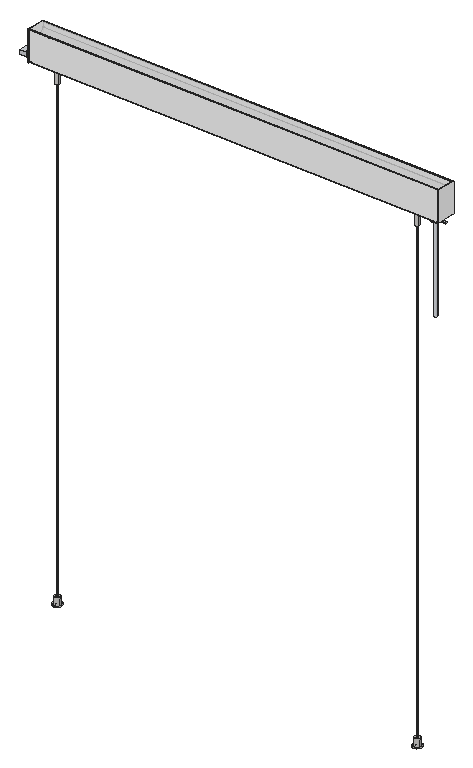
Revit family "2071463", category Lighting Fixtures, host Face, Revit 2022
Family settings
  Host = Face
  Round Connector Dimension = Use Diameter
  Part Type = Normal
  OmniClass Number = 23.80.70.00
  OmniClass Title = Lighting
  Cut with Voids When Loaded = No
  Light Source = Yes
  Maintain Annotation Orientation = No
  Shared = No
  Room Calculation Point = No
Parameters (values of type "MC2 D/I KIT 1.2M 4K DALI WHT PRIS")
  Weight = "3.4 kg"
  Wattage Comments = ""
  Wattage = 29 W
  WarrantyStartDate [instance] = "n/a"
  WarrantyGuarantorParts = "n/a"
  WarrantyDurationUnit = "Years"
  WarrantyDurationParts = "5"
  WarrantyDescription = "http://www.sylvania-group.com"
  built-in parameter 1150110 = 1 (stored number, unit not read)
  Voltage = 230 V
  URL = "http://www.sylvania-group.com"
  TypeName = "Mini Continuum II - Direct/Indirect - Suspended Kit"
  Type Image = <None>
  Type Comments = "n/a"
  built-in parameter 1114217 = 1 (stored number, unit not read)
  Tilt Angle = -90.00°
  built-in parameter 1150109 = 1 (stored number, unit not read)
  built-in parameter 1150134 = 12
  SuspensionDistance2 = if(NominalLength = 1200 mm, 82 mm, if(NominalLength = 2400 mm, 112 mm, 112 mm))  # 82 mm
  SuspensionDistance1 = if(NominalLength = 1200 mm, 62 mm, if(NominalLength = 2400 mm, 112 mm, 112 mm))  # 62 mm
  built-in parameter 1150113 = 1 (stored number, unit not read)
  SerialNumber [instance] = "n/a"
  Photometric Web File = "2071463.ies"
  PendantMin = 50 mm  # constant formula
  PendantMax = 3000 mm  # constant formula
  PendantLength [instance] = if(MountingHeight < PendantMin, PendantMin, if(MountingHeight > PendantMax, PendantMax, MountingHeight))  # 1500 mm
  MountingHeight [instance] = 1500 mm
  Material_3_SYL = Metal_Sylvania_Mini Contiuum II_Silver
  PowerFactor = 0.95
  PowerConsumption = "29 W"
  NominalLength = 1200 mm
  NominalHeight = 86 mm
  NominalDepth = 54 mm
  Name = "MC2 D/I KIT 1.2M 4K DALI WHT PRIS"
  ModelReference = Name  # "MC2 D/I KIT 1.2M 4K DALI WHT PRIS"
  ModelNumber = "2071463"
  Model = Name  # "MC2 D/I KIT 1.2M 4K DALI WHT PRIS"
  Material = "Aluminium"
  ManufacturerName = Manufacturer  # "Feilo Sylvania"
  Manufacturer = "Feilo Sylvania"
  LuminousEfficacy = "133 lm/W"
  built-in parameter 1150105 = 306.93 (stored number, unit not read)
  Lumens = 3857 lm
  LuminaireType = "Suspended"
  built-in parameter 1150115 = 1 (stored number, unit not read)
  LightOutputRatio = "100"
  built-in parameter 1150137 = (empty or 0)
  built-in parameter 1150139 = (empty or 0)
  LampsType = Lamp  # "LED"
  LampNominalLuminous = "3850 lm"
  LampMacAdamStep = "3"
  LampColourTemperature = "4000 K"
  LampColourRenderingIndex = "80"
  built-in parameter 1150112 = 1 (stored number, unit not read)
  built-in parameter 1150114 = 1 (stored number, unit not read)
  Lamp = "LED"
  Keynote = "16500"
  InstallationDate [instance] = "n/a"
  InputVoltage = "220-240 V"
  InputNominalFrequency = "50/60Hz"
  built-in parameter 1150132 = (empty or 0)
  built-in parameter 1150102 = (empty or 0)
  built-in parameter 1150107 = 4000 (stored number, unit not read)
  built-in parameter 1150138 = (empty or 0)
  IngressProtection = "IP20"
  ImpactProtectionIndex = "IK03"
  built-in parameter 1150106 = 3.0693 (stored number, unit not read)
  IfcExportType = "IfcLightFixtureType"
  IfcExportAs = "IfcLightFixtureType"
  Emit from Rectangle Width = NominalDepth  # 54 mm
  Emit from Rectangle Length = NominalLength  # 1200 mm
  Emit Shape Visible in Rendering = no
  EmergencyLight = no
  ElectricShockClassification = "Class I"
  built-in parameter 1150104 = 12.356 (stored number, unit not read)
  DocumentationLiterature = "https://www.sylvania-lighting.com/product/en-int/products/2071463/"
  DimmingControlOptions = "DALI"
  Material_2_SYL = Polycarbonate_Sylvania_Mini Continuum II_Prismatic_4000K
  Dimming Lamp Color Temperature Shift = <None>
  Description = "MC2-KIT D/I 1.2M 4K DALI WHT PRIS LED luminaire, white RAL9016 finishing, direct/indirect distribution (65/35), suspended kit version is pre-wired and supplied complete with end caps and suspension cables, compact and minimalist design based on the Golden Mean, ideal for offices, meeting rooms, corridors, education facilities, museums and libraries, extruded aluminium body, diffuser: micro prismatic, colour temperature: 4000K neutral white, total system power: 29W, total fixture output: 3850lm, luminaire efficacy: 133lm/W, LOR: 100%, colour rendering: Ra >80, LED Chromacity: 3 step MacAdam ellipse, lifespan: 66,000 hours L90B10, IR/UV free light source without heat radiation, operating voltage: 220-240V / 50-60Hz, drive current: (Direct) 800mA + (Indirect) 350mA, electronic driver, DALI dimmable, direct/indirect independently addressable, electrical protection: CLASS I, IP20, suitable for internal environment only."
  Default Elevation = 1219.2 mm
  CreatedOn = "08/08/2024"
  CreatedBy = "petra.pavlicz@sylvania-lighting.com"
  Cost = 0
  Color Filter = 16777215
  built-in parameter 1114216 [instance] = (empty or 0)
  ClassificationValue = "EF_70_80"
  ClassificationName = "Uniclass2015"
  Material_1_SYL = Metal_Sylvania_Mini Continuum II_White
  BarCode [instance] = "n/a"
  built-in parameter 1114218 = 1 (stored number, unit not read)
  built-in parameter 1150133 = 10 (stored number, unit not read)
  AssetType = "Fixed"
  AssetIdentifier [instance] = "n/a"
  Assembly Code = "D5020200"
  Apparent Load = 30.5 VA
  Material_4_SYL = none
Reference planes
  plane 1 "Center (Front/Back)": y = 0
  plane 2: z = 0
  plane 3 "Center (Left/Right)": x = 0
  plane 4: y = 27
  plane 5: y = -27
  plane 6: x = -600
  plane 7: x = 600
  plane 8 "Fixture top": z = 1414
  plane 9 "Fixture bottom": z = 1500
  plane 10: z = 1487
  plane 11: x = 572
  plane 12: x = -572
  plane 13: x = 602
  plane 14: x = -602
  plane 15: x = 597
  plane 16: x = -597
  plane 17: x = -628
  plane 18: x = 518
  plane 19: x = -538
Forms (mm)
  Extrusion 1, solid, material "Metal_Sylvania_Mini Continuum II_White" <- "Material_1_SYL", detail levels coarse
    sketch origin (0, 0, 0) x (1, 0, 0) y (0, 1, 0)
      loop
        line (600, 27) -> (600, -27) -> (602, -27) -> (602, 27) -> (600, 27)
    from 1414 to 1500
  Extrusion 2, solid, material "Polycarbonate_Sylvania_Mini Continuum II_Prismatic_4000K" <- "Material_2_SYL"
    sketch origin (-4.8, 0, 305.049) x (0, 1, 0) y (0, 0, 1)
      loop
        line (22.233, 1181.951) -> (21.206, 1181.951) -> (14.206, 1151.951) -> (-14.206, 1151.951) -> (-21.206, 1181.951) -> (-22.233, 1181.951) -> (-15, 1150.951) -> (15, 1150.951) -> (22.233, 1181.951)
    from -592.2 to 601.8
  Extrusion 3, solid, material "Metal_Sylvania_Mini Continuum II_White" <- "Material_1_SYL"
    sketch origin (0, 0, 0) x (1, 0, 0) y (0, 1, 0)
      loop
        line (-602, 27) -> (-602, -27) -> (-600, -27) -> (-600, 27) -> (-602, 27)
    from 1414 to 1500
  Extrusion 4, solid, material "Metal_Sylvania_Mini Continuum II_White" <- "Material_1_SYL", detail levels coarse
    sketch origin (0, 0, 0) x (-1, 0, 0) y (0, -1, 0)
      loop
        line (-600, -27) -> (600, -27) -> (600, 27) -> (-600, 27) -> (-600, -27)
    from 1414 to 1500
  Extrusion 5, solid, material "Metal_Sylvania_Mini Continuum II_White" <- "Material_1_SYL", detail levels medium+fine
    sketch origin (2400, 0, 0) x (0, 1, 0) y (0, 0, -1)
      loop
        line (-25.5, -1500) -> (-25.5, -1416.509)
        arc (-25.5, -1416.509) -> (-25.351, -1416.149) -> (-24.991, -1416) r 0.509
        line (-24.991, -1416) -> (-13.539, -1416)
        arc (-13.539, -1416) -> (-13.158, -1416.158) -> (-13, -1416.539) r 0.539
        line (-13, -1416.539) -> (-13, -1421.159)
        arc (-13, -1421.159) -> (-12.842, -1421.542) -> (-12.459, -1421.7) r 0.541
        line (-12.459, -1421.7) -> (12.459, -1421.7)
        arc (12.459, -1421.7) -> (12.842, -1421.542) -> (13, -1421.159) r 0.541
        line (13, -1421.159) -> (13, -1416.539)
        arc (13, -1416.539) -> (13.158, -1416.158) -> (13.539, -1416) r 0.539
        line (13.539, -1416) -> (24.991, -1416)
        arc (24.991, -1416) -> (25.351, -1416.149) -> (25.5, -1416.509) r 0.509
        line (25.5, -1416.509) -> (25.5, -1500) -> (27, -1500) -> (27, -1414.5)
        arc (27, -1414.5) -> (26.854, -1414.146) -> (26.5, -1414) r 0.5
        line (26.5, -1414) -> (11.52, -1414)
        arc (11.52, -1414) -> (11.152, -1414.152) -> (11, -1414.52) r 0.52
        line (11, -1414.52) -> (11, -1419.17)
        arc (11, -1419.17) -> (10.845, -1419.545) -> (10.47, -1419.7) r 0.53
        line (10.47, -1419.7) -> (-10.47, -1419.7)
        arc (-10.47, -1419.7) -> (-10.845, -1419.545) -> (-11, -1419.17) r 0.53
        line (-11, -1419.17) -> (-11, -1414.52)
        arc (-11, -1414.52) -> (-11.152, -1414.152) -> (-11.52, -1414) r 0.52
        line (-11.52, -1414) -> (-26.5, -1414)
        arc (-26.5, -1414) -> (-26.854, -1414.146) -> (-27, -1414.5) r 0.5
        line (-27, -1414.5) -> (-27, -1500) -> (-25.5, -1500)
    from 3000 to 1800
  Extrusion 6, solid, material "Polycarbonate_Sylvania_Mini Continuum II_Prismatic_4000K" <- "Material_2_SYL"
    sketch origin (0, 0, 0) x (0, 1, 0) y (0, 0, 1)
      loop
        line (-25, 1500) -> (-25, 1498) -> (25, 1498) -> (25, 1500) -> (-25, 1500)
    from -600 to 600
  Extrusion 7, solid, material "Metal_Sylvania_Mini Continuum II_White" <- "Material_1_SYL", detail levels medium+fine
    sketch origin (0, 0, 0) x (0, 1, 0) y (0, 0, 1)
      loop
        arc (-26.5, 1500) -> (-26.854, 1499.854) -> (-27, 1499.5) r 0.5
        line (-27, 1499.5) -> (-27, 1414.537)
        arc (-27, 1414.537) -> (-26.843, 1414.157) -> (-26.463, 1414) r 0.537
        line (-26.463, 1414) -> (26.496, 1414)
        arc (26.496, 1414) -> (26.852, 1414.148) -> (27, 1414.504) r 0.504
        line (27, 1414.504) -> (27, 1499.459)
        arc (27, 1499.459) -> (26.841, 1499.841) -> (26.459, 1500) r 0.541
        line (26.459, 1500) -> (-26.5, 1500)
    from 600 to 602
  Extrusion 8, solid, material "Metal_Sylvania_Mini Continuum II_White" <- "Material_1_SYL"
    sketch origin (0, 0, 0) x (0, 1, 0) y (0, 0, -1)
      loop
        line (-26.5, -1500) -> (26.459, -1500)
        arc (26.459, -1500) -> (26.841, -1499.841) -> (27, -1499.459) r 0.541
        line (27, -1499.459) -> (27, -1414.504)
        arc (27, -1414.504) -> (26.852, -1414.148) -> (26.496, -1414) r 0.504
        line (26.496, -1414) -> (-26.463, -1414)
        arc (-26.463, -1414) -> (-26.843, -1414.157) -> (-27, -1414.537) r 0.537
        line (-27, -1414.537) -> (-27, -1499.5)
        arc (-27, -1499.5) -> (-26.854, -1499.854) -> (-26.5, -1500) r 0.5
    from 600 to 602
  Extrusion 9, solid
    sketch origin (384.076, 1524, 1219.2) x (0, 1, 0) y (0, 0, 1)
      loop
        line (-1514.443, 219.65) -> (-1547.043, 219.65) -> (-1547.043, 205.15) -> (-1514.443, 205.15) -> (-1514.443, 219.65)
    from -994.076 to -986.076
  Extrusion 10, solid
    sketch origin (319, 1524, 1219.2) x (0, 1, 0) y (0, 0, 1)
      loop
        line (-1514.743, 217.15) -> (-1546.743, 217.15) -> (-1546.743, 205.15) -> (-1514.743, 205.15) -> (-1514.743, 217.15)
    from -947 to -929
  Extrusion 11, solid, material "Metal_Sylvania_Mini Contiuum II_Silver" <- "Material_3_SYL"
    sketch origin (8.599, 0, 0) x (1, 0, 0) y (0, 1, 0)
      loop
        circle (509.401, 0) r 5.5
    from 1369.343 to 1414
  Extrusion 12, solid, material "Metal_Sylvania_Mini Contiuum II_Silver" <- "Material_3_SYL"
    sketch origin (0, 0, 0) x (1, 0, 0) y (0, 1, 0)
      loop
        circle (518, 0) r 1
    from 21.5 to 1369.343
  Extrusion 13, solid, material "Metal_Sylvania_Mini Contiuum II_Silver" <- "Material_3_SYL"
    sketch origin (0, 0, 0) x (1, 0, 0) y (0, 1, 0)
      loop
        circle (518, 0) r 8
    from 1.5 to 21.5
  Extrusion 14, solid, material "Metal_Sylvania_Mini Contiuum II_Silver" <- "Material_3_SYL"
    sketch origin (0, 0, 0) x (1, 0, 0) y (0, 1, 0)
      loop
        circle (518, 0) r 12.5
    from 0 to 1.5
  Extrusion 15, solid, material "Metal_Sylvania_Mini Contiuum II_Silver" <- "Material_3_SYL"
    sketch origin (-2167.401, 0, 0) x (1, 0, 0) y (0, 1, 0)
      loop
        circle (1629.401, 0) r 5.5
    from 1369.343 to 1414
  Extrusion 16, solid, material "Metal_Sylvania_Mini Contiuum II_Silver" <- "Material_3_SYL"
    sketch origin (-2176, 0, 0) x (1, 0, 0) y (0, 1, 0)
      loop
        circle (1638, 0) r 1
    from 21.5 to 1369.343
  Extrusion 17, solid, material "Metal_Sylvania_Mini Contiuum II_Silver" <- "Material_3_SYL"
    sketch origin (-2176, 0, 0) x (1, 0, 0) y (0, 1, 0)
      loop
        circle (1638, 0) r 8
    from 1.5 to 21.5
  Extrusion 18, solid, material "Metal_Sylvania_Mini Contiuum II_Silver" <- "Material_3_SYL"
    sketch origin (-2176, 0, 0) x (1, 0, 0) y (0, 1, 0)
      loop
        circle (1638, 0) r 12.5
    from 0 to 1.5
  Extrusion 19, solid
    sketch origin (0, 0, 0) x (1, 0, 0) y (0, 1, 0)
      loop
        circle (572, 0) r 11.5
    from 1400 to 1414
  Extrusion 20, void
    sketch origin (0, 0, 0) x (1, 0, 0) y (0, 1, 0)
      loop
        circle (518, 0) r 2.5
    from -18.368 to 21
  Extrusion 21, void
    sketch origin (0, 0, 0) x (-1, 0, 0) y (0, -1, 0)
      loop
        circle (538, 0) r 2.5
    from -18.881 to 21
  Extrusion 22, void
    sketch origin (0, 0, 0) x (1, 0, 0) y (0, 1, 0)
      loop
        circle (572, 0) r 8
    from 1400 to 1414
  Extrusion 23, solid
    sketch origin (0, 0, 331.135) x (1, 0, 0) y (0, 1, 0)
      loop
        circle (572, 0) r 5
    from 817.865 to 1082.865
  Extrusion 24, solid
    sketch origin (0, 0, 0) x (1, 0, 0) y (0, 1, 0)
      loop
        line (560, 6.75) -> (560, -6.75) -> (584, -6.75) -> (584, 6.75) -> (560, 6.75)
    from 1402 to 1410
  Extrusion 25, solid
    sketch origin (0, 0, 0) x (1, 0, 0) y (0, 1, 0)
      loop
        line (584, -1.75) -> (604, -1.75) -> (604, 1.75) -> (584, 1.75) -> (584, -1.75)
    from 1402 to 1405.5
Cuts and joins
  Extrusion 20 cuts Extrusion 12
  Extrusion 20, Extrusion 21 cuts Extrusion 13
  Extrusion 20, Extrusion 21 cuts Extrusion 14
  Extrusion 21 cuts Extrusion 18
  Extrusion 21 cuts Extrusion 17
  Extrusion 22 cuts Extrusion 19
Dimensions and locks
  "NominalLength": plane 6 to plane 7
  equal spacing: plane 6, plane 3 "Center (Left/Right)", plane 7
  "NominalHeight": plane 9 "Fixture bottom" to plane 8 "Fixture top"
  equal spacing: plane 4, plane 1 "Center (Front/Back)", plane 5
  "NominalDepth": plane 4 to plane 5
  locked: imposter light to plane 10 at 13
  locked: plane 6 to plane 12 at 28
  locked: plane 11 to plane 7 at 28
  plane 13 to Extrusion 3 = 1204 mm
  plane 14 to Extrusion 2 = 5 mm
  locked: Extrusion 3 to Extrusion 5 sketch curve at 1.5
  locked: Extrusion 5 sketch curve to Extrusion 3 at 1.5
  locked: Extrusion 5 sketch curve to Extrusion 5 sketch curve at 2  (x3)
  locked: Extrusion 5 sketch curve to Extrusion 5 sketch curve at 5.7
  Extrusion 5 sketch curve to Extrusion 5 sketch curve to Extrusion 3 = 22 mm locked, 16 mm locked
  locked: Extrusion 6 sketch curve to Extrusion 6 sketch curve at 2
  locked: Extrusion 6 sketch curve to Extrusion 6 sketch curve at 50
  locked: plane 7 to plane 13 at 2
  locked: plane 14 to plane 6 at 2
  locked: plane 15 to plane 7 at 3
  locked: plane 6 to plane 16 at 3
  locked: Extrusion 9 to plane 14 at 8
  locked: Extrusion 9 sketch curve to Extrusion 9 sketch curve at 32.6
  locked: Extrusion 9 sketch curve to Extrusion 9 sketch curve at 14.5
  locked: Extrusion 9 sketch curve to Extrusion 8 at 3.957
  locked: Extrusion 8 to Extrusion 9 sketch curve at 61.15
  locked: Extrusion 10 sketch curve to Extrusion 10 sketch curve at 32
  locked: Extrusion 10 sketch curve to Extrusion 10 sketch curve at 12
  locked: plane 14 to plane 17 at 26
  "SuspensionDistance2": plane 18 to plane 7
  "SuspensionDistance1": plane 6 to plane 19
  locked: Extrusion 11 to Extrusion 11 at 44.657
  Extrusion 12 to Extrusion 12 = 1347.843 mm
  locked: Extrusion 13 to Extrusion 13 at 20
  locked: Extrusion 14 to Extrusion 14 at 1.5
  locked: Extrusion 15 to Extrusion 15 at 44.657
  Extrusion 16 to Extrusion 16 = 1347.843 mm
  locked: Extrusion 17 to Extrusion 17 at 20
  locked: Extrusion 18 to Extrusion 18 at 1.5
  locked: plane 9 "Fixture bottom" to plane 10 at 13
  "PendantLength": plane 9 "Fixture bottom" to level
  locked: Extrusion 21 to level at 21
  locked: Extrusion 19 to Extrusion 19 at 14
  locked: Extrusion 24 sketch curve to Extrusion 24 sketch curve at 13.5
  locked: Extrusion 24 sketch curve to Extrusion 24 sketch curve at 24
  locked: Extrusion 24 to Extrusion 25 sketch curve at 20
  locked: Extrusion 25 sketch curve to Extrusion 25 sketch curve at 3.5
  locked: Extrusion 24 to Extrusion 24 at 8
  locked: Extrusion 25 to Extrusion 25 at 3.5
  locked: plane 8 "Fixture top" to Extrusion 24 at 12
  locked: Extrusion 23 to Extrusion 23 at 265
  diameter of Extrusion 11 sketch curve = 11 mm
  diameter of Extrusion 12 sketch curve = 2 mm
  diameter of Extrusion 13 sketch curve = 16 mm
  diameter of Extrusion 14 sketch curve = 25 mm
  diameter of Extrusion 15 sketch curve = 11 mm
  diameter of Extrusion 16 sketch curve = 2 mm
  diameter of Extrusion 17 sketch curve = 16 mm
  diameter of Extrusion 18 sketch curve = 25 mm
  diameter of Extrusion 19 sketch curve = 23 mm
  diameter of Extrusion 20 sketch curve = 5 mm
  diameter of Extrusion 21 sketch curve = 5 mm
  diameter of Extrusion 22 sketch curve = 16 mm
  diameter of Extrusion 23 sketch curve = 10 mm
  aligned and locked: plane 2 to host face
  aligned and locked: level to host face
  aligned and locked: plane 9 "Fixture bottom" to imposter light
  aligned and locked: plane 10 to Extrusion 2  (x2)
  aligned and locked: Extrusion 3 sketch curve to plane 4
  aligned and locked: plane 5 to Extrusion 3 sketch curve
  aligned and locked: plane 4 to Extrusion 4
  aligned and locked: Extrusion 4 to plane 5
  aligned and locked: plane 9 "Fixture bottom" to Extrusion 4
  aligned and locked: Extrusion 4 to plane 8 "Fixture top"
  aligned and locked: Extrusion 5 to plane 6
  aligned and locked: Extrusion 5 to plane 7
  aligned and locked: plane 6 to Extrusion 5
  aligned and locked: plane 7 to Extrusion 6
  aligned and locked: Extrusion 6 to plane 6
  aligned and locked: Extrusion 1 to plane 7
  aligned and locked: plane 13 to Extrusion 1
  aligned and locked: plane 6 to Extrusion 3
  aligned and locked: Extrusion 3 to plane 14
  aligned and locked: Extrusion 4 to plane 6
  aligned and locked: plane 7 to Extrusion 4
  aligned and locked: Extrusion 7 sketch curve to plane 9 "Fixture bottom"
  aligned and locked: plane 8 "Fixture top" to Extrusion 7 sketch curve
  aligned and locked: Extrusion 7 sketch curve to plane 4
  aligned and locked: plane 5 to Extrusion 7 sketch curve
  aligned and locked: plane 13 to Extrusion 7
  aligned and locked: Extrusion 7 to plane 7
  aligned and locked: plane 6 to Extrusion 8
  aligned and locked: Extrusion 8 to plane 14
  aligned and locked: Extrusion 2 to plane 16
  aligned and locked: Extrusion 2 to plane 15
  aligned and locked: Extrusion 9 to plane 14
  aligned and locked: Extrusion 10 sketch curve to Extrusion 9
  aligned and locked: Extrusion 9 to Extrusion 10
  aligned and locked: Extrusion 10 to plane 17
  aligned and locked: plane 8 "Fixture top" to Extrusion 11
  aligned and locked: plane 18 to Extrusion 11 sketch curve
  aligned and locked: plane 1 "Center (Front/Back)" to Extrusion 11 sketch curve
  aligned and locked: plane 18 to Extrusion 12 sketch curve
  aligned and locked: plane 1 "Center (Front/Back)" to Extrusion 12 sketch curve
  aligned and locked: Extrusion 12 to Extrusion 11
  aligned and locked: plane 18 to Extrusion 13 sketch curve
  aligned and locked: plane 1 "Center (Front/Back)" to Extrusion 13 sketch curve
  aligned and locked: Extrusion 13 to Extrusion 12
  aligned and locked: plane 18 to Extrusion 14 sketch curve
  aligned and locked: plane 1 "Center (Front/Back)" to Extrusion 14 sketch curve
  aligned and locked: Extrusion 14 to Extrusion 13
  aligned and locked: Extrusion 14 to level
  aligned and locked: Extrusion 16 to Extrusion 15
  aligned and locked: Extrusion 17 to Extrusion 16
  aligned and locked: Extrusion 18 to Extrusion 17
  aligned and locked: plane 19 to Extrusion 18 sketch curve
  aligned and locked: plane 1 "Center (Front/Back)" to Extrusion 18 sketch curve
  aligned and locked: plane 19 to Extrusion 17 sketch curve
  aligned and locked: plane 1 "Center (Front/Back)" to Extrusion 17 sketch curve
  aligned and locked: plane 19 to Extrusion 15 sketch curve
  aligned and locked: plane 1 "Center (Front/Back)" to Extrusion 15 sketch curve
  aligned and locked: plane 19 to Extrusion 16 sketch curve
  aligned and locked: plane 1 "Center (Front/Back)" to Extrusion 16 sketch curve
  aligned and locked: Extrusion 3 to plane 9 "Fixture bottom"
  aligned and locked: Extrusion 3 to plane 8 "Fixture top"
  aligned and locked: Extrusion 1 to plane 9 "Fixture bottom"
  aligned and locked: Extrusion 1 to plane 8 "Fixture top"
  aligned and locked: Extrusion 18 to level
  aligned and locked: plane 8 "Fixture top" to Extrusion 15
  aligned and locked: plane 11 to Extrusion 19 sketch curve
  aligned and locked: plane 1 "Center (Front/Back)" to Extrusion 19 sketch curve
  aligned and locked: plane 18 to Extrusion 20 sketch curve
  aligned and locked: plane 1 "Center (Front/Back)" to Extrusion 20 sketch curve
  aligned and locked: plane 19 to Extrusion 21 sketch curve
  aligned and locked: plane 1 "Center (Front/Back)" to Extrusion 21 sketch curve
  aligned and locked: plane 11 to Extrusion 22 sketch curve
  aligned and locked: plane 1 "Center (Front/Back)" to Extrusion 22 sketch curve
  aligned and locked: plane 8 "Fixture top" to Extrusion 19
  aligned and locked: plane 8 "Fixture top" to Extrusion 22
  aligned and locked: Extrusion 19 to Extrusion 22
  aligned and locked: plane 11 to Extrusion 23 sketch curve
  aligned and locked: plane 1 "Center (Front/Back)" to Extrusion 23 sketch curve
  aligned and locked: plane 8 "Fixture top" to Extrusion 23
  aligned and locked: Extrusion 25 sketch curve to Extrusion 24
  aligned and locked: Extrusion 24 to Extrusion 25
Automatic sketch dimensions
  host sketch curve to host sketch curve = 2438.4 mm  (x2)
  Extrusion 24 sketch curve to plane 11 = 12 mm
  plane 1 "Center (Front/Back)" to Extrusion 24 sketch curve = 6.75 mm
  Extrusion 25 sketch curve to plane 1 "Center (Front/Back)" = 1.75 mm
  Extrusion 1 sketch curve to plane 5 = 0 mm
  Extrusion 1 sketch curve to plane 7 = 0 mm
  Extrusion 1 sketch curve to plane 13 = 0 mm
  Extrusion 1 sketch curve to plane 4 = 0 mm
  Extrusion 2 sketch curve to plane 10 = 0 mm  (x2)
  plane 5 to Extrusion 2 sketch curve = 4.767 mm
  Extrusion 2 sketch curve to Extrusion 2 sketch curve = 1.027 mm  (x2)
  plane 5 to Extrusion 2 sketch curve = 12 mm
  Extrusion 2 sketch curve to Extrusion 2 sketch curve = 0.794 mm  (x2)
  Extrusion 2 sketch curve to plane 4 = 12.794 mm
  Extrusion 2 sketch curve to plane 4 = 5.794 mm
  Extrusion 2 sketch curve to plane 10 = 30 mm
  Extrusion 2 sketch curve to Extrusion 2 sketch curve = 1 mm
  Extrusion 3 sketch curve to plane 14 = 0 mm
  Extrusion 3 sketch curve to plane 6 = 0 mm
  Extrusion 4 sketch curve to plane 5 = 0 mm
  Extrusion 4 sketch curve to plane 7 = 0 mm
  Extrusion 4 sketch curve to plane 6 = 0 mm
  Extrusion 4 sketch curve to plane 4 = 0 mm
  Extrusion 5 sketch curve to plane 5 = 0 mm
  Extrusion 5 sketch curve to plane 8 "Fixture top" = 0 mm  (x2)
  Extrusion 5 sketch curve to plane 4 = 0 mm
  Extrusion 5 sketch curve to plane 9 "Fixture bottom" = 0 mm  (x2)
  plane 5 to Extrusion 5 sketch curve = 0.5 mm
  Extrusion 5 sketch curve to Extrusion 5 sketch curve = 0.509 mm  (x2)
  Extrusion 5 sketch curve to Extrusion 5 sketch curve = 2.539 mm
  Extrusion 5 sketch curve to Extrusion 5 sketch curve = 0.539 mm  (x2)
  Extrusion 5 sketch curve to Extrusion 5 sketch curve = 0.541 mm
  plane 8 "Fixture top" to Extrusion 5 sketch curve = 0.52 mm
  Extrusion 5 sketch curve to Extrusion 5 sketch curve = 0.53 mm  (x2)
  Extrusion 5 sketch curve to Extrusion 5 sketch curve = 0.52 mm
  Extrusion 5 sketch curve to Extrusion 5 sketch curve = 1.989 mm
  Extrusion 5 sketch curve to Extrusion 5 sketch curve = 1.48 mm
  Extrusion 5 sketch curve to Extrusion 5 sketch curve = 0.5 mm
  Extrusion 6 sketch curve to plane 9 "Fixture bottom" = 0 mm
  plane 5 to Extrusion 6 sketch curve = 2 mm
  Extrusion 7 sketch curve to Extrusion 7 sketch curve = 0.5 mm
  Extrusion 7 sketch curve to Extrusion 7 sketch curve = 0.537 mm
  Extrusion 7 sketch curve to plane 4 = 0.541 mm
  Extrusion 7 sketch curve to plane 4 = 0.504 mm
  Extrusion 8 sketch curve to plane 5 = 0 mm
  Extrusion 8 sketch curve to plane 9 "Fixture bottom" = 0 mm
  Extrusion 8 sketch curve to plane 8 "Fixture top" = 0 mm
  Extrusion 8 sketch curve to plane 4 = 0 mm
  plane 5 to Extrusion 8 sketch curve = 0.5 mm
  Extrusion 8 sketch curve to Extrusion 8 sketch curve = 0.537 mm
  Extrusion 8 sketch curve to plane 4 = 0.541 mm
  Extrusion 8 sketch curve to plane 4 = 0.504 mm
  plane 5 to Extrusion 10 sketch curve = 4.257 mm
  radius of Extrusion 21 sketch curve = 2.5 mm
Connectors
  electrical at (-628, -6.743, 1430.35), driven by "Voltage", driven by "Apparent Load", driven by "PowerFactor"
    settings: on Extrusion 10, index 1, voltage 230 V, apparent load 30.5 VA, apparent load phase1 0 VA, apparent load phase2 0 VA, apparent load phase3 0 VA, power factor 0.95, load classification "Lighting", number of poles 1, system type 30, power factor state 1, is connector primary yes, connector utility no, sub classification motor no, connector description ""
